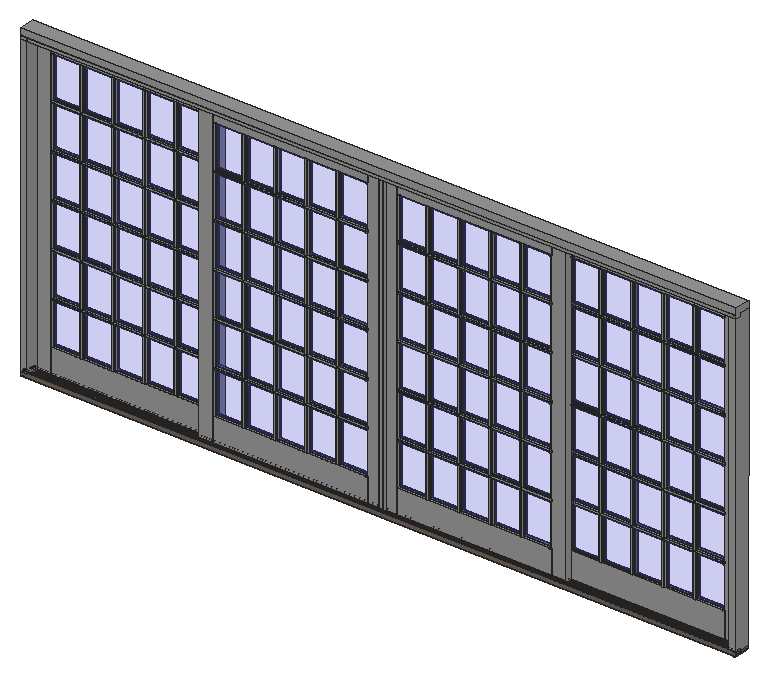
Revit family "VSDA4.8SPCO", category Doors, host Wall, Revit 2015 (continued)
Automatic sketch dimensions
  Extrusion 118 sketch curve to Extrusion 118 sketch curve = 0.803 mm  (x2)
  level to Sweep 119 sketch curve = 190 mm
  plane 4 "Right" to Sweep 119 sketch curve = 549 mm
  Sweep 119 sketch curve to Sweep 119 sketch curve = 197.5 mm
  Sweep 119 sketch curve to Sweep 119 sketch curve = 284 mm
  profile plane to Sweep 119 sketch curve = 0 mm
  profile plane to Sweep 119 sketch curve = 0.241 mm
  Sweep 119 sketch curve to Sweep 119 sketch curve = 6.759 mm
  Sweep 119 sketch curve to Sweep 119 sketch curve = 2 mm  (x2)
  Sweep 119 sketch curve to profile plane = 132.5 mm
  Sweep 119 sketch curve to Sweep 119 sketch curve = 6 mm
  level to Sweep 120 sketch curve = 190 mm
  plane 4 "Right" to Sweep 120 sketch curve = 759.5 mm
  Sweep 120 sketch curve to Sweep 120 sketch curve = 197.5 mm
  Sweep 120 sketch curve to Sweep 120 sketch curve = 284 mm
  profile plane to Sweep 120 sketch curve = 0 mm
  profile plane to Sweep 120 sketch curve = 0.241 mm
  Sweep 120 sketch curve to Sweep 120 sketch curve = 6.759 mm
  Sweep 120 sketch curve to Sweep 120 sketch curve = 2 mm  (x2)
  Sweep 120 sketch curve to profile plane = 132.5 mm
  Sweep 120 sketch curve to Sweep 120 sketch curve = 6 mm
  level to Sweep 121 sketch curve = 190 mm
  plane 4 "Right" to Sweep 121 sketch curve = 970 mm
  Sweep 121 sketch curve to Sweep 121 sketch curve = 197.5 mm
  Sweep 121 sketch curve to Sweep 121 sketch curve = 284 mm
  profile plane to Sweep 121 sketch curve = 0 mm
  profile plane to Sweep 121 sketch curve = 0.241 mm
  Sweep 121 sketch curve to Sweep 121 sketch curve = 6.759 mm
  Sweep 121 sketch curve to Sweep 121 sketch curve = 2 mm  (x2)
  Sweep 121 sketch curve to profile plane = 132.5 mm
  Sweep 121 sketch curve to Sweep 121 sketch curve = 6 mm
  level to Sweep 122 sketch curve = 190 mm
  plane 4 "Right" to Sweep 122 sketch curve = 1180.5 mm
  Sweep 122 sketch curve to Sweep 122 sketch curve = 197.5 mm
  Sweep 122 sketch curve to Sweep 122 sketch curve = 284 mm
  profile plane to Sweep 122 sketch curve = 0 mm
  profile plane to Sweep 122 sketch curve = 0.241 mm
  Sweep 122 sketch curve to Sweep 122 sketch curve = 6.759 mm
  Sweep 122 sketch curve to Sweep 122 sketch curve = 2 mm  (x2)
  Sweep 122 sketch curve to profile plane = 132.5 mm
  Sweep 122 sketch curve to Sweep 122 sketch curve = 6 mm
  host wall to Extrusion 123 sketch curve = 15.5 mm  (x7)
  Extrusion 123 sketch curve to Extrusion 123 sketch curve = 2 mm  (x28)
  host wall to Extrusion 123 sketch curve = 7.5 mm  (x12)
  host wall to Extrusion 123 sketch curve = 6.697 mm  (x12)
  Extrusion 123 sketch curve to Extrusion 123 sketch curve = 1.197 mm  (x8)
  Extrusion 123 sketch curve to host wall = 24.5 mm  (x7)
  level to Extrusion 123 sketch curve = 19 mm
  Extrusion 123 sketch curve to Extrusion 123 sketch curve = 171 mm
  Extrusion 123 sketch curve to Extrusion 123 sketch curve = 0 mm  (x4)
  Extrusion 123 sketch curve to Extrusion 123 sketch curve = 0.241 mm  (x12)
  Extrusion 123 sketch curve to Extrusion 123 sketch curve = 266 mm  (x5)
  Extrusion 123 sketch curve to Extrusion 123 sketch curve = 6.759 mm  (x6)
  Extrusion 123 sketch curve to Extrusion 123 sketch curve = 13 mm  (x7)
  plane 5 to Extrusion 123 sketch curve = 150 mm
  plane 5 to Extrusion 123 sketch curve = 45 mm
  plane 5 to Sweep 124 sketch curve = 425 mm
  plane 2 "Center (Left/Right)" to Sweep 124 sketch curve = 940 mm
  Sweep 124 sketch curve to Sweep 124 sketch curve = 197.5 mm
  plane 5 to Sweep 124 sketch curve = 141 mm
  profile plane to Sweep 124 sketch curve = 0 mm
  profile plane to Sweep 124 sketch curve = 0.241 mm
  Sweep 124 sketch curve to Sweep 124 sketch curve = 6.759 mm
  Sweep 124 sketch curve to Sweep 124 sketch curve = 2 mm  (x2)
  Sweep 124 sketch curve to profile plane = 132.5 mm
  Sweep 124 sketch curve to Sweep 124 sketch curve = 6 mm
  host wall to Extrusion 125 sketch curve = 5.5 mm  (x7)
  plane 2 "Center (Left/Right)" to Extrusion 125 sketch curve = 286.5 mm
  Extrusion 125 sketch curve to Extrusion 125 sketch curve = 2 mm  (x20)
  Extrusion 125 sketch curve to Extrusion 125 sketch curve = 6.759 mm  (x8)
  Extrusion 125 sketch curve to Extrusion 125 sketch curve = 0.241 mm  (x12)
  Extrusion 125 sketch curve to Extrusion 125 sketch curve = 13 mm  (x6)
  Extrusion 125 sketch curve to Extrusion 125 sketch curve = 0 mm  (x2)
  Extrusion 125 sketch curve to Extrusion 125 sketch curve = 179.5 mm  (x3)
  Extrusion 125 sketch curve to Extrusion 125 sketch curve = 1.197 mm  (x7)
  host wall to Extrusion 125 sketch curve = 6.697 mm
  Extrusion 125 sketch curve to Extrusion 125 sketch curve = 0.803 mm
  Extrusion 125 sketch curve to host wall = 24.5 mm  (x4)
  plane 2 "Center (Left/Right)" to Extrusion 126 sketch curve = 98 mm  (x2)
  Extrusion 126 sketch curve to Extrusion 126 sketch curve = 0 mm  (x40)
  Extrusion 126 sketch curve to Extrusion 126 sketch curve = 197.5 mm  (x9)
  Extrusion 126 sketch curve to Extrusion 126 sketch curve = 13 mm  (x26)
  Extrusion 126 sketch curve to Extrusion 126 sketch curve = 13.01 mm  (x6)
  Extrusion 126 sketch curve to Extrusion 126 sketch curve = 197.49 mm  (x5)
  level to Extrusion 126 sketch curve = 190 mm  (x3)
  Extrusion 126 sketch curve to Extrusion 126 sketch curve = 0.011 mm  (x17)
  Extrusion 126 sketch curve to Extrusion 126 sketch curve = 283.989 mm  (x5)
  Extrusion 126 sketch curve to Extrusion 126 sketch curve = 13.011 mm  (x5)
  plane 5 to Extrusion 126 sketch curve = 141.011 mm
  plane 5 to Extrusion 126 sketch curve = 141 mm
  plane 2 "Center (Left/Right)" to Sweep 127 sketch curve = 729.5 mm
  Sweep 127 sketch curve to Sweep 127 sketch curve = 197.5 mm
  plane 5 to Sweep 127 sketch curve = 425 mm
  plane 5 to Sweep 127 sketch curve = 141 mm
  profile plane to Sweep 127 sketch curve = 0 mm
  profile plane to Sweep 127 sketch curve = 0.241 mm
  Sweep 127 sketch curve to Sweep 127 sketch curve = 6.759 mm
  Sweep 127 sketch curve to Sweep 127 sketch curve = 2 mm  (x2)
  Sweep 127 sketch curve to profile plane = 132.5 mm
  Sweep 127 sketch curve to Sweep 127 sketch curve = 6 mm
  plane 2 "Center (Left/Right)" to Sweep 128 sketch curve = 519 mm
  Sweep 128 sketch curve to Sweep 128 sketch curve = 197.5 mm
  plane 5 to Sweep 128 sketch curve = 425 mm
  plane 5 to Sweep 128 sketch curve = 141 mm
  profile plane to Sweep 128 sketch curve = 0 mm
  profile plane to Sweep 128 sketch curve = 0.241 mm
  Sweep 128 sketch curve to Sweep 128 sketch curve = 6.759 mm
  Sweep 128 sketch curve to Sweep 128 sketch curve = 2 mm  (x2)
  Sweep 128 sketch curve to profile plane = 132.5 mm
  Sweep 128 sketch curve to Sweep 128 sketch curve = 6 mm
  plane 2 "Center (Left/Right)" to Sweep 129 sketch curve = 308.5 mm
  Sweep 129 sketch curve to Sweep 129 sketch curve = 197.5 mm
  plane 5 to Sweep 129 sketch curve = 425 mm
  plane 5 to Sweep 129 sketch curve = 141 mm
  profile plane to Sweep 129 sketch curve = 0 mm
  profile plane to Sweep 129 sketch curve = 0.241 mm
  Sweep 129 sketch curve to Sweep 129 sketch curve = 6.759 mm
  Sweep 129 sketch curve to Sweep 129 sketch curve = 2 mm  (x2)
  Sweep 129 sketch curve to profile plane = 132.5 mm
  Sweep 129 sketch curve to Sweep 129 sketch curve = 6 mm
  plane 2 "Center (Left/Right)" to Sweep 130 sketch curve = 98 mm
  Sweep 130 sketch curve to Sweep 130 sketch curve = 197.5 mm
  plane 5 to Sweep 130 sketch curve = 425 mm
  plane 5 to Sweep 130 sketch curve = 141 mm
  profile plane to Sweep 130 sketch curve = 0 mm
  profile plane to Sweep 130 sketch curve = 0.241 mm
  Sweep 130 sketch curve to Sweep 130 sketch curve = 6.759 mm
  Sweep 130 sketch curve to Sweep 130 sketch curve = 2 mm  (x2)
  Sweep 130 sketch curve to profile plane = 132.5 mm
  Sweep 130 sketch curve to Sweep 130 sketch curve = 6 mm
  plane 2 "Center (Left/Right)" to Sweep 131 sketch curve = 940 mm
  Sweep 131 sketch curve to Sweep 131 sketch curve = 197.5 mm
  plane 5 to Sweep 131 sketch curve = 722 mm
  Sweep 131 sketch curve to Sweep 131 sketch curve = 284 mm
  profile plane to Sweep 131 sketch curve = 0 mm
  profile plane to Sweep 131 sketch curve = 0.241 mm
  Sweep 131 sketch curve to Sweep 131 sketch curve = 6.759 mm
  Sweep 131 sketch curve to Sweep 131 sketch curve = 2 mm  (x2)
  Sweep 131 sketch curve to profile plane = 132.5 mm
  Sweep 131 sketch curve to Sweep 131 sketch curve = 6 mm
  plane 2 "Center (Left/Right)" to Sweep 132 sketch curve = 729.5 mm
  Sweep 132 sketch curve to Sweep 132 sketch curve = 197.5 mm
  plane 5 to Sweep 132 sketch curve = 722 mm
  Sweep 132 sketch curve to Sweep 132 sketch curve = 284 mm
  profile plane to Sweep 132 sketch curve = 0 mm
  profile plane to Sweep 132 sketch curve = 0.241 mm
  Sweep 132 sketch curve to Sweep 132 sketch curve = 6.759 mm
  Sweep 132 sketch curve to Sweep 132 sketch curve = 2 mm  (x2)
  Sweep 132 sketch curve to profile plane = 132.5 mm
  Sweep 132 sketch curve to Sweep 132 sketch curve = 6 mm
  plane 2 "Center (Left/Right)" to Sweep 133 sketch curve = 519 mm
  Sweep 133 sketch curve to Sweep 133 sketch curve = 197.5 mm
  plane 5 to Sweep 133 sketch curve = 722 mm
  Sweep 133 sketch curve to Sweep 133 sketch curve = 284 mm
  profile plane to Sweep 133 sketch curve = 0 mm
  profile plane to Sweep 133 sketch curve = 0.241 mm
  Sweep 133 sketch curve to Sweep 133 sketch curve = 6.759 mm
  Sweep 133 sketch curve to Sweep 133 sketch curve = 2 mm  (x2)
  Sweep 133 sketch curve to profile plane = 132.5 mm
  Sweep 133 sketch curve to Sweep 133 sketch curve = 6 mm
  plane 2 "Center (Left/Right)" to Sweep 134 sketch curve = 308.5 mm
  Sweep 134 sketch curve to Sweep 134 sketch curve = 197.5 mm
  plane 5 to Sweep 134 sketch curve = 722 mm
  Sweep 134 sketch curve to Sweep 134 sketch curve = 284 mm
  profile plane to Sweep 134 sketch curve = 0 mm
  profile plane to Sweep 134 sketch curve = 0.241 mm
  Sweep 134 sketch curve to Sweep 134 sketch curve = 6.759 mm
  Sweep 134 sketch curve to Sweep 134 sketch curve = 2 mm  (x2)
  Sweep 134 sketch curve to profile plane = 132.5 mm
  Sweep 134 sketch curve to Sweep 134 sketch curve = 6 mm
  plane 2 "Center (Left/Right)" to Sweep 135 sketch curve = 98 mm
  Sweep 135 sketch curve to Sweep 135 sketch curve = 197.5 mm
  plane 5 to Sweep 135 sketch curve = 722 mm
  Sweep 135 sketch curve to Sweep 135 sketch curve = 284 mm
  profile plane to Sweep 135 sketch curve = 0 mm
  profile plane to Sweep 135 sketch curve = 0.241 mm
  Sweep 135 sketch curve to Sweep 135 sketch curve = 6.759 mm
  Sweep 135 sketch curve to Sweep 135 sketch curve = 2 mm  (x2)
  Sweep 135 sketch curve to profile plane = 132.5 mm
  Sweep 135 sketch curve to Sweep 135 sketch curve = 6 mm
  plane 2 "Center (Left/Right)" to Sweep 136 sketch curve = 940 mm
  Sweep 136 sketch curve to Sweep 136 sketch curve = 197.5 mm
  plane 5 to Sweep 136 sketch curve = 1019 mm
  Sweep 136 sketch curve to Sweep 136 sketch curve = 284 mm
  profile plane to Sweep 136 sketch curve = 0 mm
  profile plane to Sweep 136 sketch curve = 0.241 mm
  Sweep 136 sketch curve to Sweep 136 sketch curve = 6.759 mm
  Sweep 136 sketch curve to Sweep 136 sketch curve = 2 mm  (x2)
  Sweep 136 sketch curve to profile plane = 132.5 mm
  Sweep 136 sketch curve to Sweep 136 sketch curve = 6 mm
  plane 2 "Center (Left/Right)" to Sweep 137 sketch curve = 729.5 mm
  Sweep 137 sketch curve to Sweep 137 sketch curve = 197.5 mm
  plane 5 to Sweep 137 sketch curve = 1019 mm
  Sweep 137 sketch curve to Sweep 137 sketch curve = 284 mm
  profile plane to Sweep 137 sketch curve = 0 mm
  profile plane to Sweep 137 sketch curve = 0.241 mm
  Sweep 137 sketch curve to Sweep 137 sketch curve = 6.759 mm
  Sweep 137 sketch curve to Sweep 137 sketch curve = 2 mm  (x2)
  Sweep 137 sketch curve to profile plane = 132.5 mm
  Sweep 137 sketch curve to Sweep 137 sketch curve = 6 mm
  plane 2 "Center (Left/Right)" to Sweep 138 sketch curve = 519 mm
  Sweep 138 sketch curve to Sweep 138 sketch curve = 197.5 mm
  plane 5 to Sweep 138 sketch curve = 1019 mm
  Sweep 138 sketch curve to Sweep 138 sketch curve = 284 mm
  profile plane to Sweep 138 sketch curve = 0 mm
  profile plane to Sweep 138 sketch curve = 0.241 mm
  Sweep 138 sketch curve to Sweep 138 sketch curve = 6.759 mm
  Sweep 138 sketch curve to Sweep 138 sketch curve = 2 mm  (x2)
  Sweep 138 sketch curve to profile plane = 132.5 mm
  Sweep 138 sketch curve to Sweep 138 sketch curve = 6 mm
  plane 2 "Center (Left/Right)" to Sweep 139 sketch curve = 308.5 mm
  Sweep 139 sketch curve to Sweep 139 sketch curve = 197.5 mm
  plane 5 to Sweep 139 sketch curve = 1019 mm
  Sweep 139 sketch curve to Sweep 139 sketch curve = 284 mm
  profile plane to Sweep 139 sketch curve = 0 mm
  profile plane to Sweep 139 sketch curve = 0.241 mm
  Sweep 139 sketch curve to Sweep 139 sketch curve = 6.759 mm
  Sweep 139 sketch curve to Sweep 139 sketch curve = 2 mm  (x2)
  Sweep 139 sketch curve to profile plane = 132.5 mm
  Sweep 139 sketch curve to Sweep 139 sketch curve = 6 mm
  plane 2 "Center (Left/Right)" to Sweep 140 sketch curve = 98 mm
  Sweep 140 sketch curve to Sweep 140 sketch curve = 197.5 mm
  plane 5 to Sweep 140 sketch curve = 1019 mm
  Sweep 140 sketch curve to Sweep 140 sketch curve = 284 mm
  profile plane to Sweep 140 sketch curve = 0 mm
  profile plane to Sweep 140 sketch curve = 0.241 mm
  Sweep 140 sketch curve to Sweep 140 sketch curve = 6.759 mm
  Sweep 140 sketch curve to Sweep 140 sketch curve = 2 mm  (x2)
  Sweep 140 sketch curve to profile plane = 132.5 mm
  Sweep 140 sketch curve to Sweep 140 sketch curve = 6 mm
  plane 2 "Center (Left/Right)" to Sweep 141 sketch curve = 940 mm
  Sweep 141 sketch curve to Sweep 141 sketch curve = 197.5 mm
  level to Sweep 141 sketch curve = 784 mm
  Sweep 141 sketch curve to Sweep 141 sketch curve = 284 mm
  profile plane to Sweep 141 sketch curve = 0 mm
  profile plane to Sweep 141 sketch curve = 0.241 mm
  Sweep 141 sketch curve to Sweep 141 sketch curve = 6.759 mm
  Sweep 141 sketch curve to Sweep 141 sketch curve = 2 mm  (x2)
  Sweep 141 sketch curve to profile plane = 132.5 mm
  Sweep 141 sketch curve to Sweep 141 sketch curve = 6 mm
  plane 2 "Center (Left/Right)" to Sweep 142 sketch curve = 729.5 mm
  Sweep 142 sketch curve to Sweep 142 sketch curve = 197.5 mm
  level to Sweep 142 sketch curve = 784 mm
  Sweep 142 sketch curve to Sweep 142 sketch curve = 284 mm
  profile plane to Sweep 142 sketch curve = 0 mm
  profile plane to Sweep 142 sketch curve = 0.241 mm
  Sweep 142 sketch curve to Sweep 142 sketch curve = 6.759 mm
  Sweep 142 sketch curve to Sweep 142 sketch curve = 2 mm  (x2)
  Sweep 142 sketch curve to profile plane = 132.5 mm
  Sweep 142 sketch curve to Sweep 142 sketch curve = 6 mm
  plane 2 "Center (Left/Right)" to Sweep 143 sketch curve = 519 mm
  Sweep 143 sketch curve to Sweep 143 sketch curve = 197.5 mm
  level to Sweep 143 sketch curve = 784 mm
  Sweep 143 sketch curve to Sweep 143 sketch curve = 284 mm
  profile plane to Sweep 143 sketch curve = 0 mm
  profile plane to Sweep 143 sketch curve = 0.241 mm
  Sweep 143 sketch curve to Sweep 143 sketch curve = 6.759 mm
  Sweep 143 sketch curve to Sweep 143 sketch curve = 2 mm  (x2)
  Sweep 143 sketch curve to profile plane = 132.5 mm
  Sweep 143 sketch curve to Sweep 143 sketch curve = 6 mm
  plane 2 "Center (Left/Right)" to Sweep 144 sketch curve = 308.5 mm
  Sweep 144 sketch curve to Sweep 144 sketch curve = 197.5 mm
  level to Sweep 144 sketch curve = 784 mm
  Sweep 144 sketch curve to Sweep 144 sketch curve = 284 mm
  profile plane to Sweep 144 sketch curve = 0 mm
  profile plane to Sweep 144 sketch curve = 0.241 mm
  Sweep 144 sketch curve to Sweep 144 sketch curve = 6.759 mm
  Sweep 144 sketch curve to Sweep 144 sketch curve = 2 mm  (x2)
  Sweep 144 sketch curve to profile plane = 132.5 mm
  Sweep 144 sketch curve to Sweep 144 sketch curve = 6 mm
  plane 2 "Center (Left/Right)" to Sweep 145 sketch curve = 98 mm
  Sweep 145 sketch curve to Sweep 145 sketch curve = 197.5 mm
  level to Sweep 145 sketch curve = 784 mm
  Sweep 145 sketch curve to Sweep 145 sketch curve = 284 mm
  profile plane to Sweep 145 sketch curve = 0 mm
  profile plane to Sweep 145 sketch curve = 0.241 mm
  Sweep 145 sketch curve to Sweep 145 sketch curve = 6.759 mm
  Sweep 145 sketch curve to Sweep 145 sketch curve = 2 mm  (x2)
  Sweep 145 sketch curve to profile plane = 132.5 mm
  Sweep 145 sketch curve to Sweep 145 sketch curve = 6 mm
  plane 2 "Center (Left/Right)" to Sweep 146 sketch curve = 940 mm
  Sweep 146 sketch curve to Sweep 146 sketch curve = 197.5 mm
  level to Sweep 146 sketch curve = 487 mm
  Sweep 146 sketch curve to Sweep 146 sketch curve = 284 mm
  profile plane to Sweep 146 sketch curve = 0 mm
  profile plane to Sweep 146 sketch curve = 0.241 mm
  Sweep 146 sketch curve to Sweep 146 sketch curve = 6.759 mm
  Sweep 146 sketch curve to Sweep 146 sketch curve = 2 mm  (x2)
  Sweep 146 sketch curve to profile plane = 132.5 mm
  Sweep 146 sketch curve to Sweep 146 sketch curve = 6 mm
  plane 2 "Center (Left/Right)" to Sweep 147 sketch curve = 729.5 mm
  Sweep 147 sketch curve to Sweep 147 sketch curve = 197.5 mm
  level to Sweep 147 sketch curve = 487 mm
  Sweep 147 sketch curve to Sweep 147 sketch curve = 284 mm
  profile plane to Sweep 147 sketch curve = 0 mm
  profile plane to Sweep 147 sketch curve = 0.241 mm
  Sweep 147 sketch curve to Sweep 147 sketch curve = 6.759 mm
  Sweep 147 sketch curve to Sweep 147 sketch curve = 2 mm  (x2)
  Sweep 147 sketch curve to profile plane = 132.5 mm
  Sweep 147 sketch curve to Sweep 147 sketch curve = 6 mm
  plane 2 "Center (Left/Right)" to Sweep 148 sketch curve = 519 mm
  Sweep 148 sketch curve to Sweep 148 sketch curve = 197.5 mm
  level to Sweep 148 sketch curve = 487 mm
  Sweep 148 sketch curve to Sweep 148 sketch curve = 284 mm
  profile plane to Sweep 148 sketch curve = 0 mm
  profile plane to Sweep 148 sketch curve = 0.241 mm
  Sweep 148 sketch curve to Sweep 148 sketch curve = 6.759 mm
  Sweep 148 sketch curve to Sweep 148 sketch curve = 2 mm  (x2)
  Sweep 148 sketch curve to profile plane = 132.5 mm
  Sweep 148 sketch curve to Sweep 148 sketch curve = 6 mm
  plane 2 "Center (Left/Right)" to Sweep 149 sketch curve = 308.5 mm
  Sweep 149 sketch curve to Sweep 149 sketch curve = 197.5 mm
  level to Sweep 149 sketch curve = 487 mm
  Sweep 149 sketch curve to Sweep 149 sketch curve = 284 mm
  profile plane to Sweep 149 sketch curve = 0 mm
  profile plane to Sweep 149 sketch curve = 0.241 mm
  Sweep 149 sketch curve to Sweep 149 sketch curve = 6.759 mm
  Sweep 149 sketch curve to Sweep 149 sketch curve = 2 mm  (x2)
  Sweep 149 sketch curve to profile plane = 132.5 mm
  Sweep 149 sketch curve to Sweep 149 sketch curve = 6 mm
  plane 2 "Center (Left/Right)" to Sweep 150 sketch curve = 98 mm
  Sweep 150 sketch curve to Sweep 150 sketch curve = 197.5 mm
  level to Sweep 150 sketch curve = 487 mm
  Sweep 150 sketch curve to Sweep 150 sketch curve = 284 mm
  profile plane to Sweep 150 sketch curve = 0 mm
  profile plane to Sweep 150 sketch curve = 0.241 mm
  Sweep 150 sketch curve to Sweep 150 sketch curve = 6.759 mm
  Sweep 150 sketch curve to Sweep 150 sketch curve = 2 mm  (x2)
  Sweep 150 sketch curve to profile plane = 132.5 mm
  Sweep 150 sketch curve to Sweep 150 sketch curve = 6 mm
  level to Sweep 151 sketch curve = 190 mm
  plane 2 "Center (Left/Right)" to Sweep 151 sketch curve = 940 mm
  Sweep 151 sketch curve to Sweep 151 sketch curve = 197.5 mm
  Sweep 151 sketch curve to Sweep 151 sketch curve = 284 mm
  profile plane to Sweep 151 sketch curve = 0 mm
  profile plane to Sweep 151 sketch curve = 0.241 mm
  Sweep 151 sketch curve to Sweep 151 sketch curve = 6.759 mm
  Sweep 151 sketch curve to Sweep 151 sketch curve = 2 mm  (x2)
  Sweep 151 sketch curve to profile plane = 132.5 mm
  Sweep 151 sketch curve to Sweep 151 sketch curve = 6 mm
  level to Sweep 152 sketch curve = 190 mm
  plane 2 "Center (Left/Right)" to Sweep 152 sketch curve = 729.5 mm
  Sweep 152 sketch curve to Sweep 152 sketch curve = 197.5 mm
  Sweep 152 sketch curve to Sweep 152 sketch curve = 284 mm
  profile plane to Sweep 152 sketch curve = 0 mm
  profile plane to Sweep 152 sketch curve = 0.241 mm
  Sweep 152 sketch curve to Sweep 152 sketch curve = 6.759 mm
  Sweep 152 sketch curve to Sweep 152 sketch curve = 2 mm  (x2)
  Sweep 152 sketch curve to profile plane = 132.5 mm
  Sweep 152 sketch curve to Sweep 152 sketch curve = 6 mm
  level to Sweep 153 sketch curve = 190 mm
  plane 2 "Center (Left/Right)" to Sweep 153 sketch curve = 519 mm
  Sweep 153 sketch curve to Sweep 153 sketch curve = 197.5 mm
  Sweep 153 sketch curve to Sweep 153 sketch curve = 284 mm
  profile plane to Sweep 153 sketch curve = 0 mm
  profile plane to Sweep 153 sketch curve = 0.241 mm
  Sweep 153 sketch curve to Sweep 153 sketch curve = 6.759 mm
  Sweep 153 sketch curve to Sweep 153 sketch curve = 2 mm  (x2)
  Sweep 153 sketch curve to profile plane = 132.5 mm
  Sweep 153 sketch curve to Sweep 153 sketch curve = 6 mm
  plane 2 "Center (Left/Right)" to Sweep 154 sketch curve = 308.5 mm
  Sweep 154 sketch curve to Sweep 154 sketch curve = 197.5 mm
  level to Sweep 154 sketch curve = 190 mm
  Sweep 154 sketch curve to Sweep 154 sketch curve = 284 mm
  profile plane to Sweep 154 sketch curve = 0 mm
  profile plane to Sweep 154 sketch curve = 0.241 mm
  Sweep 154 sketch curve to Sweep 154 sketch curve = 6.759 mm
  Sweep 154 sketch curve to Sweep 154 sketch curve = 2 mm  (x2)
  Sweep 154 sketch curve to profile plane = 132.5 mm
  Sweep 154 sketch curve to Sweep 154 sketch curve = 6 mm
  plane 2 "Center (Left/Right)" to Sweep 155 sketch curve = 98 mm
  Sweep 155 sketch curve to Sweep 155 sketch curve = 197.5 mm
  level to Sweep 155 sketch curve = 190 mm
  Sweep 155 sketch curve to Sweep 155 sketch curve = 284 mm
  profile plane to Sweep 155 sketch curve = 0 mm
  profile plane to Sweep 155 sketch curve = 0.241 mm
  Sweep 155 sketch curve to Sweep 155 sketch curve = 6.759 mm
  Sweep 155 sketch curve to Sweep 155 sketch curve = 2 mm  (x2)
  Sweep 155 sketch curve to profile plane = 132.5 mm
  Sweep 155 sketch curve to Sweep 155 sketch curve = 6 mm
  host wall to Extrusion 156 sketch curve = 5.5 mm  (x7)
  plane 2 "Center (Left/Right)" to Extrusion 156 sketch curve = 286.5 mm
  Extrusion 156 sketch curve to Extrusion 156 sketch curve = 2 mm  (x20)
  Extrusion 156 sketch curve to Extrusion 156 sketch curve = 6.759 mm  (x8)
  Extrusion 156 sketch curve to Extrusion 156 sketch curve = 0.241 mm  (x12)
  Extrusion 156 sketch curve to Extrusion 156 sketch curve = 13 mm  (x6)
  Extrusion 156 sketch curve to Extrusion 156 sketch curve = 0 mm  (x2)
  Extrusion 156 sketch curve to Extrusion 156 sketch curve = 179.5 mm  (x3)
  Extrusion 156 sketch curve to Extrusion 156 sketch curve = 1.197 mm  (x7)
  host wall to Extrusion 156 sketch curve = 6.697 mm
  Extrusion 156 sketch curve to Extrusion 156 sketch curve = 0.803 mm
  Extrusion 156 sketch curve to host wall = 24.5 mm  (x4)
  host wall to Extrusion 157 sketch curve = 5.5 mm  (x7)
  plane 2 "Center (Left/Right)" to Extrusion 157 sketch curve = 286.5 mm
  Extrusion 157 sketch curve to Extrusion 157 sketch curve = 2 mm  (x20)
  Extrusion 157 sketch curve to Extrusion 157 sketch curve = 6.759 mm  (x8)
  Extrusion 157 sketch curve to Extrusion 157 sketch curve = 0.241 mm  (x12)
  Extrusion 157 sketch curve to Extrusion 157 sketch curve = 13 mm  (x6)
  Extrusion 157 sketch curve to Extrusion 157 sketch curve = 0 mm  (x2)
  Extrusion 157 sketch curve to Extrusion 157 sketch curve = 179.5 mm  (x3)
  Extrusion 157 sketch curve to Extrusion 157 sketch curve = 1.197 mm  (x7)
  host wall to Extrusion 157 sketch curve = 6.697 mm
  Extrusion 157 sketch curve to Extrusion 157 sketch curve = 0.803 mm
  Extrusion 157 sketch curve to host wall = 24.5 mm  (x4)
  host wall to Extrusion 158 sketch curve = 5.5 mm  (x7)
  plane 2 "Center (Left/Right)" to Extrusion 158 sketch curve = 286.5 mm
  Extrusion 158 sketch curve to Extrusion 158 sketch curve = 2 mm  (x20)
  Extrusion 158 sketch curve to Extrusion 158 sketch curve = 6.759 mm  (x8)
  Extrusion 158 sketch curve to Extrusion 158 sketch curve = 0.241 mm  (x12)
  Extrusion 158 sketch curve to Extrusion 158 sketch curve = 13 mm  (x6)
  Extrusion 158 sketch curve to Extrusion 158 sketch curve = 0 mm  (x2)
  Extrusion 158 sketch curve to Extrusion 158 sketch curve = 179.5 mm  (x3)
  Extrusion 158 sketch curve to Extrusion 158 sketch curve = 1.197 mm  (x7)
  host wall to Extrusion 158 sketch curve = 6.697 mm
  Extrusion 158 sketch curve to Extrusion 158 sketch curve = 0.803 mm
  Extrusion 158 sketch curve to host wall = 24.5 mm  (x4)
  host wall to Extrusion 159 sketch curve = 5.5 mm  (x7)
  plane 2 "Center (Left/Right)" to Extrusion 159 sketch curve = 286.5 mm
  Extrusion 159 sketch curve to Extrusion 159 sketch curve = 2 mm  (x20)
  Extrusion 159 sketch curve to Extrusion 159 sketch curve = 6.759 mm  (x8)
  Extrusion 159 sketch curve to Extrusion 159 sketch curve = 0.241 mm  (x12)
  Extrusion 159 sketch curve to Extrusion 159 sketch curve = 13 mm  (x6)
  Extrusion 159 sketch curve to Extrusion 159 sketch curve = 0 mm  (x2)
  Extrusion 159 sketch curve to Extrusion 159 sketch curve = 179.5 mm  (x3)
  Extrusion 159 sketch curve to Extrusion 159 sketch curve = 1.197 mm  (x7)
  host wall to Extrusion 159 sketch curve = 6.697 mm
  Extrusion 159 sketch curve to Extrusion 159 sketch curve = 0.803 mm
  Extrusion 159 sketch curve to host wall = 24.5 mm  (x4)
  host wall to Extrusion 160 sketch curve = 5.5 mm  (x7)
  plane 2 "Center (Left/Right)" to Extrusion 160 sketch curve = 286.5 mm
  Extrusion 160 sketch curve to Extrusion 160 sketch curve = 2 mm  (x20)
  Extrusion 160 sketch curve to Extrusion 160 sketch curve = 6.759 mm  (x8)
  Extrusion 160 sketch curve to Extrusion 160 sketch curve = 0.241 mm  (x12)
  Extrusion 160 sketch curve to Extrusion 160 sketch curve = 13 mm  (x6)
  Extrusion 160 sketch curve to Extrusion 160 sketch curve = 0 mm  (x2)
  Extrusion 160 sketch curve to Extrusion 160 sketch curve = 179.5 mm  (x3)
  Extrusion 160 sketch curve to Extrusion 160 sketch curve = 1.197 mm  (x7)
  host wall to Extrusion 160 sketch curve = 6.697 mm
  Extrusion 160 sketch curve to Extrusion 160 sketch curve = 0.803 mm
  Extrusion 160 sketch curve to host wall = 24.5 mm  (x4)
  host wall to Extrusion 161 sketch curve = 5.5 mm  (x7)
  plane 2 "Center (Left/Right)" to Extrusion 161 sketch curve = 286.5 mm
  Extrusion 161 sketch curve to Extrusion 161 sketch curve = 2 mm  (x20)
  Extrusion 161 sketch curve to Extrusion 161 sketch curve = 6.759 mm  (x8)
  Extrusion 161 sketch curve to Extrusion 161 sketch curve = 0.241 mm  (x12)
  Extrusion 161 sketch curve to Extrusion 161 sketch curve = 13 mm  (x6)
  Extrusion 161 sketch curve to Extrusion 161 sketch curve = 0 mm  (x2)
  Extrusion 161 sketch curve to Extrusion 161 sketch curve = 179.5 mm  (x3)
  Extrusion 161 sketch curve to Extrusion 161 sketch curve = 1.197 mm  (x7)
  host wall to Extrusion 161 sketch curve = 6.697 mm
  Extrusion 161 sketch curve to Extrusion 161 sketch curve = 0.803 mm
  Extrusion 161 sketch curve to host wall = 24.5 mm  (x4)
